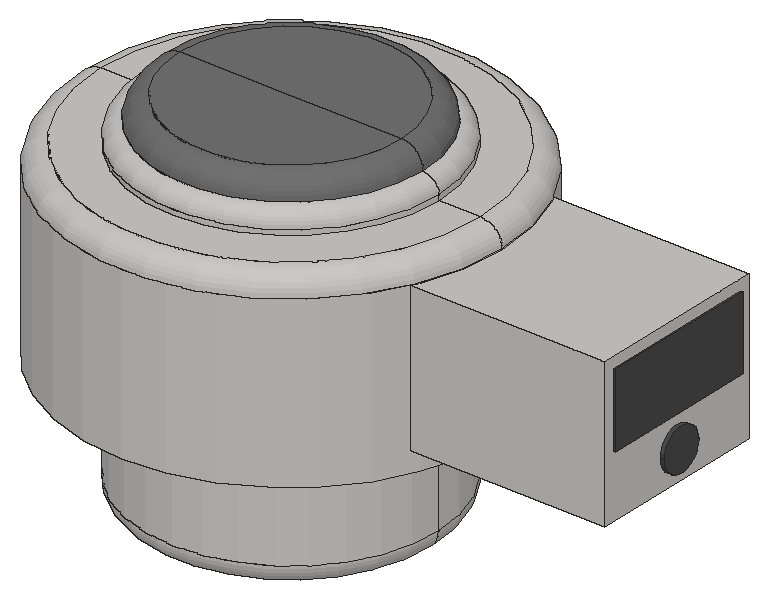
Revit family "QF_Vollrath_46115", category Specialty Equipment, Revit 2016
Family settings
  Part Type = Normal
  Round Connector Dimension = Use Diameter
  OmniClass Number = 23.40.40.14.14
  OmniClass Title = Food Preparation Equipment
  Work Plane-Based = No
  Always vertical = Yes
  Cut with Voids When Loaded = No
  Shared = No
  Room Calculation Point = No
Parameters
  Weight in Pounds = 4
  Watts = 230 W
  Volts = 230 V
  URL Cutsheet = ""
  URL = "www.vollrathco.com"
  Status [instance] = ""
  Specification by User [instance] = ""
  Specification by Manufacturer [instance] = ""
  Serial Number [instance] = ""
  Seismic Rating [instance] = ""
  SMACNA No [instance] = ""
  Revision Code [instance] = ""
  Phase = 1
  Number of Poles = 1
  NAFEM Spec ID Number [instance] = ""
  Model = "46115"
  Masterspec [instance] = ""
  Manufacturer = "Vollrath"
  Item Number [instance] = "-"
  Installed By [instance] = ""
  Height AFF [instance] = 3' - 0"
  Height [instance] = if(Fully Extended, 0' 5 1/4", 0' 4 1/4")  # 0' - 4 1/4"
  Furnished By [instance] = ""
  Fully Extended [instance] = no
  Foodservice Equipment Identifier [instance] = yes
  FL Amps = 1 A
  Electrical Remarks [instance] = ""
  Electric Connection Type [instance] = ""
  Elec Conn RI Height [instance] = 0' - 0"
  Elec Conn Connection Height [instance] = Height AFF + 0' 2 1/8"  # 3' - 2 1/8"
  Description = "Universal Electric Chafer Heater"
  Cycle = 50 Hz
  Conn Plug = "UK"
  CSI MasterFormat = "11 42 00"
  Assembly Code = "E1090320"
  Apparent Power = Volts * FL Amps  # 230 VA
Reference planes (in)
  plane 1 "Center LR": y = 0
  plane 2: z = 0
  plane 3 "Center FB": x = -23.93845
  plane 4 "RIGHT": x = -19.37595
  plane 5 "LEFT": x = -26.43845
  plane 6 "BACK": y = 2.5625
  plane 7 "FRONT": y = -2.5625
  plane 8 "BOTTOM": z = 36
  plane 9 "TOP": z = 40.25
  plane 10: z = 39.75
  plane 11: z = 40
  plane 12: x = -21.68845
  plane 13: z = 37.75
  plane 14: z = 39.5
  plane 15: y = 1.0625
  plane 16: y = -1.0625
Forms (in)
  Revolve 1, solid, material "QF_Finishes_Stainless Steel"
    sketch origin (0, 0, 0) x (1, 0, 0) y (0, 0, 1)
      loop
        line (-23.93845, 36) -> (-23.93845, 39.75) -> (-26.18845, 39.75)
        arc (-26.18845, 39.75) -> (-26.36523, 39.67678) -> (-26.43845, 39.5) r 0.25
        line (-26.43845, 39.5) -> (-26.43845, 37.5) -> (-25.93845, 37.5)
        arc (-25.93845, 37.5) -> (-25.76168, 37.42678) -> (-25.68845, 37.25) r 0.25
        line (-25.68845, 37.25) -> (-25.68845, 36.25)
        arc (-25.68845, 36.25) -> (-25.61523, 36.07322) -> (-25.43845, 36) r 0.25
        line (-25.43845, 36) -> (-23.93845, 36)
      axis (-23.93845, 39.75) -> (-23.93845, 36)
    angle from 0 to 360
  Revolve 2, solid, material "QF_Finishes_Stainless Steel"
    sketch origin (0, 0, 0) x (1, 0, 0) y (0, 0, 1)
      loop
        line (-23.93845, 39.75) -> (-23.93845, 40) -> (-25.50095, 40)
        arc (-25.50095, 40) -> (-25.63354, 39.94508) -> (-25.68845, 39.8125) r 0.1875
        line (-25.68845, 39.8125) -> (-25.68845, 39.75) -> (-23.93845, 39.75)
      axis (-23.93845, 40) -> (-23.93845, 39.75)
    angle from 0 to 360
  Revolve 3, solid, material "QF_Finishes_Dark Grey"
    sketch origin (0, 0, 0) x (1, 0, 0) y (0, 0, 1)
      loop
        line (-23.93845, 40) -> (-23.93845, 40.25) -> (-25.25095, 40.25)
        arc (-25.25095, 40.25) -> (-25.42773, 40.17678) -> (-25.50095, 40) r 0.25
        line (-25.50095, 40) -> (-23.93845, 40)
      axis (-23.93845, 40.25) -> (-23.93845, 40)
    angle from 0 to 360
  Extrusion 4, solid, material "QF_Finishes_Stainless Steel"
    sketch origin (-19.37595, 0, 0) x (0, 1, 0) y (0, 0, 1)
      loop
        line (-1.0625, 39.5) -> (-1.0625, 37.75) -> (1.0625, 37.75) -> (1.0625, 39.5) -> (-1.0625, 39.5)
    from 0 to -2.3125
  Extrusion 5, solid, material "QF_Finishes_Black"
    sketch origin (-19.37595, 0, 0) x (0, 1, 0) y (0, 0, 1)
      loop
        circle (0, 38.125) r 0.25
    from 0 to 0.0625
  Extrusion 6, solid, material "QF_Finishes_Black"
    sketch origin (-19.37595, 0, 0) x (0, 1, 0) y (0, 0, 1)
      loop
        line (0.9375, 38.5) -> (0.9375, 39.375) -> (-0.9375, 39.375) -> (-0.9375, 38.5) -> (0.9375, 38.5)
    from 0 to 0.03125
Lines and regions (in)
  symbolic lines
    curve 1: arc (-26.43845, 0, 0) -> (-23.93845, 2.5, 0) -> (-21.43845, 0, 0) r 2.5
    curve 2: arc (-21.43845, 0, 0) -> (-23.93845, -2.5, 0) -> (-26.43845, 0, 0) r 2.5
    curve 3: arc (-22.18845, 0, 0) -> (-23.93845, -1.75, 0) -> (-25.68845, 0, 0) r 1.75
    curve 4: arc (-25.68845, 0, 0) -> (-23.93845, 1.75, 0) -> (-22.18845, 0, 0) r 1.75
    curve 5: arc (-25.50095, 0, 0) -> (-23.93845, 1.5625, 0) -> (-22.37595, 0, 0) r 1.5625
    curve 6: arc (-22.37595, 0, 0) -> (-23.93845, -1.5625, 0) -> (-25.50095, 0, 0) r 1.5625
    curve 7: line (-19.37595, 1.0625, 0) -> (-21.67547, 1.0625, 0)
    curve 8: line (-21.67547, -1.0625, 0) -> (-19.37595, -1.0625, 0)
    curve 9: line (-19.37595, -1.0625, 0) -> (-19.37595, 1.0625, 0)
Dimensions and locks (in)
  "Height AFF": plane 8 "BOTTOM" to level
  "Height": plane 9 "TOP" to plane 8 "BOTTOM"
  locked: plane 9 "TOP" to plane 11 at 0.25
  locked: plane 10 to plane 8 "BOTTOM" at 3.75
  locked: plane 11 to Revolve 2 sketch curve at 0.1875
  locked: plane 5 "LEFT" to plane 4 "RIGHT" at 7.0625
  locked: plane 7 "FRONT" to plane 6 "BACK" at 5.125
  locked: plane 12 to plane 4 "RIGHT" at 2.3125
  locked: plane 13 to plane 8 "BOTTOM" at 1.75
  locked: plane 14 to plane 13 at 1.75
  locked: plane 16 to plane 15 at 2.125
  locked: Extrusion 5 sketch curve to plane 13 at 0.375
  locked: plane 14 to Extrusion 6 sketch curve at 0.125
  locked: Extrusion 6 sketch curve to plane 13 at 0.75
  locked: Extrusion 6 sketch curve to plane 15 at 0.125
  locked: plane 16 to Extrusion 6 sketch curve at 0.125
  aligned and locked: level to plane 2
  aligned and locked: plane 10 to Revolve 2 sketch curve
  aligned and locked: Revolve 2 sketch curve to plane 11
  aligned and locked: Revolve 3 sketch curve to plane 9 "TOP"
  aligned and locked: plane 11 to Revolve 3 sketch curve
  aligned and locked: Revolve 1 sketch curve to plane 10
  aligned and locked: Extrusion 4 sketch curve to plane 14
  aligned and locked: Extrusion 4 sketch curve to plane 16
  aligned and locked: plane 13 to Extrusion 4 sketch curve
  aligned and locked: plane 15 to Extrusion 4 sketch curve
  aligned and locked: Extrusion 4 to plane 12
Automatic sketch dimensions
  Revolve 1 sketch curve to plane 5 "LEFT" = 0' - 0"
  Revolve 1 sketch curve to plane 3 "Center FB" = 0' - 0"  (x2)
  Revolve 1 sketch curve to plane 8 "BOTTOM" = 0' - 0"
  plane 5 "LEFT" to Revolve 1 sketch curve = 0' - 0 1/4"
  plane 5 "LEFT" to Revolve 1 sketch curve = 0' - 0 1/2"
  Revolve 1 sketch curve to Revolve 1 sketch curve = 0' - 0 1/4"
  plane 8 "BOTTOM" to Revolve 1 sketch curve = 0' - 0 1/4"
  Revolve 1 sketch curve to level = 2' - 0"
  Revolve 1 sketch curve to Revolve 1 sketch curve = 0' - 1"
  plane 9 "TOP" to Revolve 1 sketch curve = 4' - 8.84174"
  Revolve 2 sketch curve to plane 3 "Center FB" = 0' - 0"  (x2)
  plane 5 "LEFT" to Revolve 2 sketch curve = 0' - 0 15/16"
  Revolve 2 sketch curve to level = 2' - 0"
  plane 9 "TOP" to Revolve 2 sketch curve = 4' - 8.84174"
  Revolve 3 sketch curve to plane 3 "Center FB" = 0' - 0"  (x2)
  plane 5 "LEFT" to Revolve 3 sketch curve = 0' - 1 3/16"
  Revolve 3 sketch curve to level = 2' - 0"
  plane 9 "TOP" to Revolve 3 sketch curve = 4' - 8.84174"
  Extrusion 5 sketch curve to plane 1 "Center LR" = 0' - 0"
  curve 1 to curve 3 = 0' - 0"  (x2)
  curve 1 to curve 5 = 0' - 0"  (x2)
  plane 1 "Center LR" to curve 1 = 0' - 0"
  curve 1 to plane 5 "LEFT" = 0' - 0"
  curve 3 to plane 3 "Center FB" = 0' - 0"
  plane 16 to curve 8 = 0' - 0"
  plane 15 to curve 7 = 0' - 0"
  curve 7 to plane 4 "RIGHT" = 0' - 0"
  plane 5 "LEFT" to curve 3 = 0' - 0 3/4"
  curve 3 to curve 5 = 0' - 0 3/16"
  radius of Extrusion 5 sketch curve = 0' - 0 1/4"
Connectors (in)
  electrical at (-19.31345, 0, 38.125), driven by "Number of Poles", driven by "Volts", driven by "Apparent Power"
    settings: on Extrusion 5, index 1, voltage 230 V, apparent load 230 VA, apparent load phase1 0 VA, apparent load phase2 0 VA, apparent load phase3 0 VA, power factor 1, load classification "Other", number of poles 1, system type 30, power factor state 1, is connector primary yes, connector utility no, sub classification motor no, connector description "Electric"
